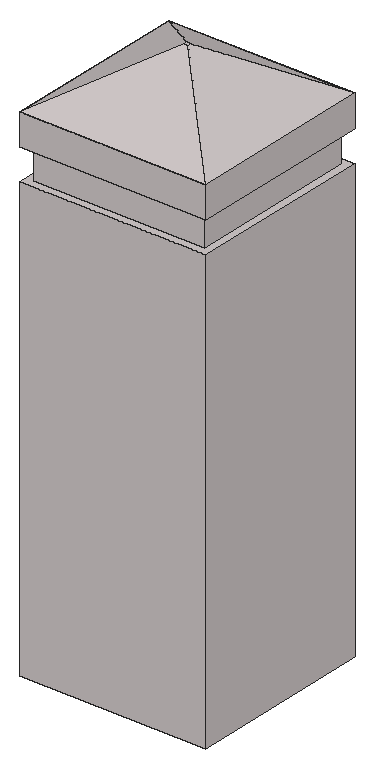
Revit family "M_Poste 1", category Terreno, Revit 2019
Family settings
  Cota do conector redondo = Utilizar diâmetro
  Tipo de parte = Normal
  ID de item do Seek = Bollard 1-0000-CAN-ENU
  Com base no plano de trabalho = Não
  Sempre na vertical = Sim
  Corte com vazios quando carregada = Não
  Compartilhado = Não
Parameters (values of type "300 x 300mm")
  Material = Concreto, Pré-moldado
Reference planes
  plane 1 "Centro (Frente/Trás)": y = 2.4
  plane 2: z = 0
  plane 3 "Centro (Esquerda/Direita)": x = 2.4
  plane 4: x = 152.4
  plane 5: y = -147.6
  plane 6: y = 152.4
  plane 7: x = -147.6
  plane 8: z = 900
  plane 9: z = 815.181
  plane 10: z = 764.381
  plane 11: z = 713.581
Forms (mm)
  Extrusion 1, solid, material "Concreto, Pré-moldado" <- "Material"
    sketch origin (0, 0, 0) x (1, 0, 0) y (0, 1, 0)
      loop
        line (-147.6, 152.4) -> (-147.6, -147.6) -> (152.4, -147.6) -> (152.4, 152.4) -> (-147.6, 152.4)
    from 0 to 713.581
  Extrusion 2, solid, material "Concreto, Pré-moldado" <- "Material"
    sketch origin (0, 0, 0) x (1, 0, 0) y (0, 1, 0)
      loop
        line (-134.9, 139.7) -> (-134.9, -134.9) -> (139.7, -134.9) -> (139.7, 139.7) -> (-134.9, 139.7)
    from 713.581 to 764.381
  Extrusion 3, solid, material "Concreto, Pré-moldado" <- "Material"
    sketch origin (0, 0, 0) x (1, 0, 0) y (0, 1, 0)
      loop
        line (-147.6, 152.4) -> (-147.6, -147.6) -> (152.4, -147.6) -> (152.4, 152.4) -> (-147.6, 152.4)
    from 764.381 to 815.181
  Blend 4, solid, material "Concreto, Pré-moldado" <- "Material"
    base sketch origin (0, 0, 0) x (1, 0, 0) y (0, 1, 0)
      loop
        line (-147.6, 152.4) -> (-147.6, -147.6) -> (152.4, -147.6) -> (152.4, 152.4) -> (-147.6, 152.4)
    top sketch origin (0, 0, 0) x (1, 0, 0) y (0, 1, 0)
      loop
        line (-0.775, 5.575) -> (-0.775, -0.775) -> (5.575, -0.775) -> (5.575, 5.575) -> (-0.775, 5.575)
    from 815.181 to 900
Lines and regions (mm)
  symbolic lines, style "Acessórios do terreno"
    curve 1: line (-147.6, 152.4, 0) -> (152.4, 152.4, 0)
    curve 2: line (-147.6, -147.6, 0) -> (-147.6, 152.4, 0)
    curve 3: line (152.4, -147.6, 0) -> (-147.6, -147.6, 0)
    curve 4: line (152.4, 152.4, 0) -> (152.4, -147.6, 0)
    curve 5: line (152.4, 152.4, 0) -> (-147.6, -147.6, 0)
    curve 6: line (-147.6, 152.4, 0) -> (152.4, -147.6, 0)
Dimensions and locks
  plane 7 to plane 4 = 300 mm
  plane 5 to plane 6 = 300 mm
  equal spacing: plane 7, plane 3 "Centro (Esquerda/Direita)", plane 4
  equal spacing: plane 5, plane 1 "Centro (Frente/Trás)", plane 6
  locked: Extrusion 2 sketch curve to plane 5 at 12.7
  locked: Extrusion 2 sketch curve to plane 4 at 12.7
  Extrusion 2 sketch curve to plane 6 = 12.7 mm
  locked: plane 7 to Extrusion 2 sketch curve at 12.7
  plane 8 to plane 2 = 900 mm
  plane 9 to plane 10 = 50.8 mm
  locked: plane 10 to plane 11 at 50.8
  plane 8 to plane 9 = 84.819 mm
  aligned and locked: Extrusion 1 to plane 11
  aligned and locked: Extrusion 2 to plane 10
  aligned and locked: plane 11 to Extrusion 2
  aligned and locked: Extrusion 3 to plane 9
  aligned and locked: plane 10 to Extrusion 3
  aligned and locked: Blend 4 to plane 8
  aligned and locked: plane 9 to Blend 4
